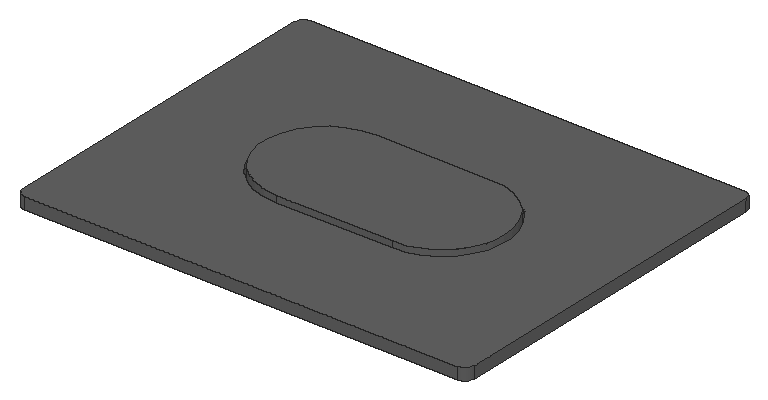
Revit family "Grohe_FlushPlate_ArenaCosmopolitan_38844KF0", category Plumbing Fixtures, host Face, Revit 2020
Family settings
  Host = Face
  Round Connector Dimension = Use Diameter
  Part Type = Normal
  OmniClass Number = 23.45.05.00
  OmniClass Title = Sanitary Equipment
  Cut with Voids When Loaded = No
  Shared = No
  Room Calculation Point = No
Parameters (values of type "ARENA COSMOPOLITAN Flush Plate (38844KF0)")
  _ObjectUserGuide = "https://www.bimstore.co/products/grohe-38844kf0/document/object-user-guide"
  _DistributedBy = "https://www.bimstore.co/"
  _CurrentRevision = 1
  _CreatedBy = "https://www.bimstore.co/"
  _BimSpecGuid = 0
  _BSBibleVersion = 17
  _AuthorizedBy = "bimstore"
  _Author = "SM 182"
  WarrantyStartDate [instance] = "Please Record on Commissioning"
  WarrantyGuarantorParts = "https://www.grohe.co.uk"
  WarrantyGuarantorLabor = "https://www.grohe.co.uk"
  WarrantyDurationUnit = "Years"
  WarrantyDurationParts = "0"
  WarrantyDurationLabor = "0"
  WarrantyDescription = "n/a"
  URL = "https://www.grohe.co.uk/"
  TypeName = "ARENA COSMOPOLITAN Flush Plate (38844KF0)"
  Type Comments = "ARENA COSMOPOLITAN Flush Plate (38844KF0)"
  TPIDocumentLink = "https://cdn.cloud.grohe.com/tpi/2000/2200/2210/2211/2211184/original/2211184.pdf"
  SustainabilityReport = "green.grohe.com/reporting"
  SustainabilityAward = "green.grohe.com/awards"
  SpareParts = "info-uk@grohe.com"
  Size = "n/a"
  Shape = "n/a"
  SerialNumber [instance] = "Please Record on Commissioning"
  ReplacementCost = "n/a"
  ReferencedStandard = "n/a"
  ProductionYear = "2024"
  ProductType = "XXX"
  ProductShortText = "Flush plate"
  ProductNumber = "38844KF0"
  ProductDescription = "for dual flush or start & stop actuation\r\n\r\nfor pneumatic discharge valve AV1\r\n\r\nvertical installation\r\n\r\n156 x 197 mm\r\n\r\nmade of ABS\r\n\r\nGROHE Long-Life finish\r\n\r\nGROHE Water Saving - Less water, perfect flow\r\n\r\nfor combination with Rapid SL and Uniset with GD 2 cistern\r\n\r\nfor use with Rapid SLX please order shaft 66 791 000 (sold separately)"
  PrimaryMaterial = Grohe_GlossBlack
  PQDiagramLink = ""
  NominalLength = 0 mm
  NominalHeight = 0 mm
  NominalDepth = 0 mm
  NBSReference = "90-15-35/470"
  NBSOfficeMasterTag = "n/a"
  NBSObjectName = "Grohe - Flush Control Devices"
  NBSNote = "n/a"
  NBSDescription = "Flush Control Devices"
  ModelReference = "Flush plate"
  ModelNumber = "38844KF0"
  Model = "38844KF0"
  Material = "n/a"
  ManufacturerName = "Grohe"
  Manufacturer = "Grohe"
  Keynote = "N13"
  InstallationVideo = ""
  InstallationDate [instance] = "Please Record on Commissioning"
  IfcExportType = "IfcValveTypeEnum.FLUSHING"
  IfcExportAs = "IfcValve"
  Grade = "n/a"
  GROHESustainability = "green.grohe.com"
  GROHESocialCommittment = "green.grohe.com/social_engagement"
  FullRecyclabilityOfPlastic = "All plastic components are fully recycable"
  Finish = "n/a"
  Features = "n/a"
  ExpectedLife = 0
  Ecojoy = no
  EF023752 = "true"
  EF023751 = "true"
  EF020828 = "true"
  EF020827 = "true"
  EF010109 = "false"
  EF006949 = "Pneumatic"
  EF006331 = "false"
  EF002169 = "Plastic"
  EF002147 = "Two button"
  EF001438 = "197"
  EF000040 = "10"
  EF000008 = "156"
  EF000007 = "Black"
  DurationUnit = "Years"
  DocumentationTechnical = "https://www.bimstore.co/products/grohe-38844kf0/document/object-user-guide"
  DocumentationMaintenance = "https://www.bimstore.co/products/grohe-38844kf0/document/maintenance-information"
  DocumentationLiterature = "https://www.bimstore.co/products/grohe-38844kf0/document/product-literature"
  DocumentationInstallationGuide = "https://www.bimstore.co/products/grohe-38844kf0/document/installation-guide"
  DocumentationCertificates = "https://www.bimstore.co/products/grohe-38844kf0/document/product-certificates"
  DimensionsDocumentLink = "https://cdn.cloud.grohe.com/dimdraw/1000/1300/1390/1397/1397080/1280/1397080.jpg"
  Description = "for dual flush or start & stop actuation\r\n\r\nfor pneumatic discharge valve AV1\r\n\r\nvertical installation\r\n\r\n156 x 197 mm\r\n\r\nmade of ABS\r\n\r\nGROHE Long-Life finish\r\n\r\nGROHE Water Saving - Less water, perfect flow\r\n\r\nfor combination with Rapid SL and Uniset with GD 2 cistern\r\n\r\nfor use with Rapid SLX please order shaft 66 791 000 (sold separately)"
  Default Elevation = 0 mm
  CreatedOn = "2024-04-16T:09:00:00"
  CreatedBy = "info-uk@grohe.com"
  CradleToCradleCertification = "N/A"
  Cost = 0
  Constituents = "n/a"
  Color = "Black"
  CodePerformance = "n/a"
  ClassificationValue = "Pr_75_50_46_31"
  ClassificationName = "Uniclass2015"
  CO2NeutralProduction = "GROHE is one of the first leading manufacturer within the sanitary industry having a CO2-neutral production."
  BarCode [instance] = "Please Record on Commissioning"
  BIMObjectName = "Grohe_FlushPlate_ArenaCosmopolitan_38844KF0"
  AssetType = "Fixed"
  AssetIdentifier [instance] = "n/a"
  Assembly Code = "D2010"
  AccessibilityPerformance = "n/a"
Reference planes
  plane 1 "Center (Front/Back)": y = 0
  plane 2: z = 0
  plane 3 "Center (Left/Right)": x = 0
Forms (mm)
  Extrusion 1, solid, material "Grohe_GlossBlack" <- "PrimaryMaterial"
    sketch origin (0, 0, 0) x (1, 0, 0) y (0, 1, 0)
      loop
        arc (-94.5, 78) -> (-97.328, 76.828) -> (-98.5, 74) r 4
        line (-98.5, 74) -> (-98.5, -74)
        arc (-98.5, -74) -> (-97.328, -76.828) -> (-94.5, -78) r 4
        line (-94.5, -78) -> (94.5, -78)
        arc (94.5, -78) -> (97.328, -76.828) -> (98.5, -74) r 4
        line (98.5, -74) -> (98.5, 74)
        arc (98.5, 74) -> (97.328, 76.828) -> (94.5, 78) r 4
        line (94.5, 78) -> (-94.5, 78)
      loop
        line (25.509, 28.007) -> (-25.491, 28.007)
        arc (-25.491, 28.007) -> (-53.491, 0.007) -> (-25.491, -27.993) r 28
        line (-25.491, -27.993) -> (25.509, -27.993)
        arc (25.509, -27.993) -> (53.509, 0.007) -> (25.509, 28.007) r 28
    from 0 to 5.093
  Extrusion 2, solid, material "Grohe_GlossBlack" <- "PrimaryMaterial"
    sketch origin (0, 0, 0) x (1, 0, 0) y (0, 1, 0)
      loop
        line (-25.491, -26.993) -> (25.509, -26.993)
        arc (25.509, -26.993) -> (52.509, 0.007) -> (25.509, 27.007) r 27
        line (25.509, 27.007) -> (-25.491, 27.007)
        arc (-25.491, 27.007) -> (-52.491, 0.007) -> (-25.491, -26.993) r 27
    from 0 to 7.36
Dimensions and locks
  aligned and locked: plane 2 to host face
  aligned and locked: level to host face
